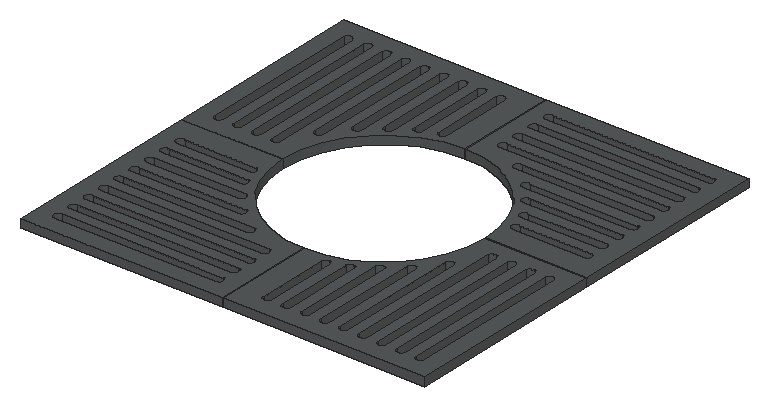
Revit family "10267 Приствольная решётка (квадратная) Р-03 Хоббика", category Антураж, Revit 2018
Family settings
  На основе рабочей плоскости = Нет
  Всегда вертикально = Да
  При загрузке вырезать с полостями = Нет
  Источник визуального образа = Геометрия семейства
  Общий = Нет
  Точка расчета площади = Нет
Parameters (values of type "Версия 1,2 м")
  Цвет решетки = Чугун
  Описание = if([Версия 1,0 м], "Приствольная решётка (квадратная) Р-03. Версия 1,0 м", "Приствольная решётка (квадратная) Р-03. Версия 1,2 м")  # "Приствольная решётка (квадратная) Р-03. Версия 1,2 м"
  Материал изделия = "Чугун"  # constant formula
  Изображение типоразмера = Приствольная решётка (квадратная) Р-03 Арт 10267.jpg
  Изготовитель = "ООО «Хоббика»"  # constant formula
  Длина = if([Версия 1,0 м], 1000 mm, 1200 mm)  # 1200 mm
  Диаметр внутренний = if([Версия 1,0 м], 500 mm, 600 mm)  # 600 mm
  Группа модели = "Решётки для деревьев"  # constant formula
  Высота = 22 mm  # constant formula
  Версия 1,2 м = not([Версия 1,0 м])  # yes
  Версия 1,0 м = no
  Артикул товара = "Арт. 10267"  # constant formula
  URL = "https://hobbyka.ru/product/pristvolnaya_reshetka_kvadratnaya_r03"
Types (3, lengths in mm): name | Описание | Длина | Диаметр внутренний | Версия 1,2 м | Версия 1,0 м
  (no name) | "Приствольная решётка (квадратная) Р-03. Версия 1,2 м" | 1200 | 600 | yes | no
  Версия 1,0 м | "Приствольная решётка (квадратная) Р-03. Версия 1,0 м" | 1000 | 500 | no | yes
  Версия 1,2 м | "Приствольная решётка (квадратная) Р-03. Версия 1,2 м" | 1200 | 600 | yes | no
Reference planes
  plane 1 "По центру (Вперед/Назад)": y = 0
  plane 2: z = 0
  plane 3 "По центру (Влево/Вправо)": x = 0
  plane 4: y = 1200
  plane 5: x = 1200
  plane 6: x = 600
  plane 7: y = 600
Lines and regions (mm)
  reference lines
    curve 1: circle (600, 600, 0) r 300 normal (0, 0, 1)
Dimensions and locks
  "Длина": plane 3 "По центру (Влево/Вправо)" to plane 5
  "Длина": plane 4 to plane 1 "По центру (Вперед/Назад)"
  equal spacing: plane 4, plane 7, plane 1 "По центру (Вперед/Назад)"
  equal spacing: plane 3 "По центру (Влево/Вправо)", plane 6, plane 5
  "Диаметр внутренний": diameter of curve 1
  aligned and locked: level to plane 2
  aligned and locked: plane 1 "По центру (Вперед/Назад)" to nested 1
  aligned and locked: plane 1 "По центру (Вперед/Назад)" to nested 2
  aligned and locked: plane 3 "По центру (Влево/Вправо)" to nested 2
  aligned and locked: plane 3 "По центру (Влево/Вправо)" to nested 1
Automatic sketch dimensions
  curve 1 to plane 6 = 0 mm
  curve 1 to plane 7 = 0 mm
Nested families
  nested 1: "Решетка 1,2 м" at (0, 0, 0), visible <- "Версия 1,2 м", type "Решетка 1,2 м"
  nested 2: "Решетка 1,0 м" at (0, 0, 0), visible <- "Версия 1,0 м", type "Решетка 1,0 м"
    with Версия 1,0 м yes
Definition of nested family "Решетка 1,2 м"
  Parameters (values of type "Решетка 1,2 м")
    Цвет решетки = none
    Height = 0 mm
    Версия 1,2 м = yes
  Reference planes
    plane 1 "По центру (Вперед/Назад)": y = 0
    plane 2: z = 0
    plane 3 "По центру (Влево/Вправо)": x = 0
  Forms (mm)
    Extrusion 1, solid, material <- "Цвет решетки", visible <- "Версия 1,2 м"
      sketch origin (591.905, 600, 0) x (1, 0, 0) y (0, 1, 0)
        loop
          line (308.095, 0) -> (608.095, 0) -> (608.095, 599.966) -> (8.095, 599.966) -> (8.095, 300)
          arc (8.095, 300) -> (220.227, 212.132) -> (308.095, 0) r 300
        loop
          arc (67.295, 550.758) -> (54.095, 537.558) -> (67.295, 524.358) r 13.2
          line (67.295, 524.358) -> (544.895, 524.358)
          arc (544.895, 524.358) -> (558.095, 537.558) -> (544.895, 550.758) r 13.2
          line (544.895, 550.758) -> (67.295, 550.758)
        loop
          arc (67.295, 494.058) -> (54.095, 480.858) -> (67.295, 467.658) r 13.2
          line (67.295, 467.658) -> (544.895, 467.658)
          arc (544.895, 467.658) -> (558.095, 480.858) -> (544.895, 494.058) r 13.2
          line (544.895, 494.058) -> (67.295, 494.058)
        loop
          arc (67.295, 437.358) -> (54.095, 424.158) -> (67.295, 410.958) r 13.2
          line (67.295, 410.958) -> (544.895, 410.958)
          arc (544.895, 410.958) -> (558.095, 424.158) -> (544.895, 437.358) r 13.2
          line (544.895, 437.358) -> (67.295, 437.358)
        loop
          arc (67.295, 380.658) -> (54.095, 367.458) -> (67.295, 354.258) r 13.2
          line (67.295, 354.258) -> (544.895, 354.258)
          arc (544.895, 354.258) -> (558.095, 367.458) -> (544.895, 380.658) r 13.2
          line (544.895, 380.658) -> (67.295, 380.658)
        loop
          arc (156.536, 323.958) -> (143.336, 310.758) -> (156.536, 297.558) r 13.2
          line (156.536, 297.558) -> (544.895, 297.558)
          arc (544.895, 297.558) -> (558.095, 310.758) -> (544.895, 323.958) r 13.2
          line (544.895, 323.958) -> (156.536, 323.958)
        loop
          line (544.895, 267.258) -> (226.523, 267.258)
          arc (226.523, 267.258) -> (213.323, 254.058) -> (226.523, 240.858) r 13.2
          line (226.523, 240.858) -> (544.895, 240.858)
          arc (544.895, 240.858) -> (558.095, 254.058) -> (544.895, 267.258) r 13.2
        loop
          line (544.895, 210.558) -> (271.714, 210.558)
          arc (271.714, 210.558) -> (258.514, 197.358) -> (271.714, 184.158) r 13.2
          line (271.714, 184.158) -> (544.895, 184.158)
          arc (544.895, 184.158) -> (558.095, 197.358) -> (544.895, 210.558) r 13.2
        loop
          line (544.895, 153.858) -> (311.766, 153.858)
          arc (311.766, 153.858) -> (298.566, 140.658) -> (311.766, 127.458) r 13.2
          line (311.766, 127.458) -> (544.895, 127.458)
          arc (544.895, 127.458) -> (558.095, 140.658) -> (544.895, 153.858) r 13.2
        loop
          arc (331.658, 97.158) -> (318.458, 83.958) -> (331.658, 70.758) r 13.2
          line (331.658, 70.758) -> (544.877, 70.758)
          arc (544.877, 70.758) -> (558.095, 83.949) -> (544.895, 97.158) r 13.2
          line (544.895, 97.158) -> (331.658, 97.158)
      from 0 to 25
    Extrusion 2, solid, material <- "Цвет решетки", visible <- "Версия 1,2 м"
      sketch origin (591.905, 600, 0) x (0, 1, 0) y (-1, 0, 0)
        loop
          line (300, -8.095) -> (600, -8.095) -> (600, 591.871) -> (0, 591.871) -> (0, 291.905)
          arc (0, 291.905) -> (212.132, 204.037) -> (300, -8.095) r 300
        loop
          arc (59.2, 542.664) -> (46, 529.464) -> (59.2, 516.264) r 13.2
          line (59.2, 516.264) -> (536.8, 516.264)
          arc (536.8, 516.264) -> (550, 529.464) -> (536.8, 542.664) r 13.2
          line (536.8, 542.664) -> (59.2, 542.664)
        loop
          arc (59.2, 485.964) -> (46, 472.764) -> (59.2, 459.564) r 13.2
          line (59.2, 459.564) -> (536.8, 459.564)
          arc (536.8, 459.564) -> (550, 472.764) -> (536.8, 485.964) r 13.2
          line (536.8, 485.964) -> (59.2, 485.964)
        loop
          arc (59.2, 429.264) -> (46, 416.064) -> (59.2, 402.864) r 13.2
          line (59.2, 402.864) -> (536.8, 402.864)
          arc (536.8, 402.864) -> (550, 416.064) -> (536.8, 429.264) r 13.2
          line (536.8, 429.264) -> (59.2, 429.264)
        loop
          arc (59.2, 372.564) -> (46, 359.364) -> (59.2, 346.164) r 13.2
          line (59.2, 346.164) -> (536.8, 346.164)
          arc (536.8, 346.164) -> (550, 359.364) -> (536.8, 372.564) r 13.2
          line (536.8, 372.564) -> (59.2, 372.564)
        loop
          arc (148.441, 315.864) -> (135.241, 302.664) -> (148.441, 289.464) r 13.2
          line (148.441, 289.464) -> (536.8, 289.464)
          arc (536.8, 289.464) -> (550, 302.664) -> (536.8, 315.864) r 13.2
          line (536.8, 315.864) -> (148.441, 315.864)
        loop
          line (536.8, 259.164) -> (218.429, 259.164)
          arc (218.429, 259.164) -> (205.229, 245.964) -> (218.429, 232.764) r 13.2
          line (218.429, 232.764) -> (536.8, 232.764)
          arc (536.8, 232.764) -> (550, 245.964) -> (536.8, 259.164) r 13.2
        loop
          line (536.8, 202.464) -> (263.619, 202.464)
          arc (263.619, 202.464) -> (250.419, 189.264) -> (263.619, 176.064) r 13.2
          line (263.619, 176.064) -> (536.8, 176.064)
          arc (536.8, 176.064) -> (550, 189.264) -> (536.8, 202.464) r 13.2
        loop
          line (536.8, 145.764) -> (303.672, 145.764)
          arc (303.672, 145.764) -> (290.472, 132.564) -> (303.672, 119.364) r 13.2
          line (303.672, 119.364) -> (536.8, 119.364)
          arc (536.8, 119.364) -> (550, 132.564) -> (536.8, 145.764) r 13.2
        loop
          arc (323.563, 89.064) -> (310.363, 75.864) -> (323.563, 62.664) r 13.2
          line (323.563, 62.664) -> (536.782, 62.664)
          arc (536.782, 62.664) -> (550, 75.854) -> (536.8, 89.064) r 13.2
          line (536.8, 89.064) -> (323.563, 89.064)
      from 0 to 25
    Extrusion 3, solid, material <- "Цвет решетки", visible <- "Версия 1,2 м"
      sketch origin (591.905, 600, 0) x (-1, 0, 0) y (0, -1, 0)
        loop
          line (291.905, 0) -> (591.905, 0) -> (591.905, 599.966) -> (-8.095, 599.966) -> (-8.095, 300)
          arc (-8.095, 300) -> (204.037, 212.132) -> (291.905, 0) r 300
        loop
          arc (51.105, 550.758) -> (37.905, 537.558) -> (51.105, 524.358) r 13.2
          line (51.105, 524.358) -> (528.705, 524.358)
          arc (528.705, 524.358) -> (541.905, 537.558) -> (528.705, 550.758) r 13.2
          line (528.705, 550.758) -> (51.105, 550.758)
        loop
          arc (51.105, 494.058) -> (37.905, 480.858) -> (51.105, 467.658) r 13.2
          line (51.105, 467.658) -> (528.705, 467.658)
          arc (528.705, 467.658) -> (541.905, 480.858) -> (528.705, 494.058) r 13.2
          line (528.705, 494.058) -> (51.105, 494.058)
        loop
          arc (51.105, 437.358) -> (37.905, 424.158) -> (51.105, 410.958) r 13.2
          line (51.105, 410.958) -> (528.705, 410.958)
          arc (528.705, 410.958) -> (541.905, 424.158) -> (528.705, 437.358) r 13.2
          line (528.705, 437.358) -> (51.105, 437.358)
        loop
          arc (51.105, 380.658) -> (37.905, 367.458) -> (51.105, 354.258) r 13.2
          line (51.105, 354.258) -> (528.705, 354.258)
          arc (528.705, 354.258) -> (541.905, 367.458) -> (528.705, 380.658) r 13.2
          line (528.705, 380.658) -> (51.105, 380.658)
        loop
          arc (140.347, 323.958) -> (127.147, 310.758) -> (140.347, 297.558) r 13.2
          line (140.347, 297.558) -> (528.705, 297.558)
          arc (528.705, 297.558) -> (541.905, 310.758) -> (528.705, 323.958) r 13.2
          line (528.705, 323.958) -> (140.347, 323.958)
        loop
          line (528.705, 267.258) -> (210.334, 267.258)
          arc (210.334, 267.258) -> (197.134, 254.058) -> (210.334, 240.858) r 13.2
          line (210.334, 240.858) -> (528.705, 240.858)
          arc (528.705, 240.858) -> (541.905, 254.058) -> (528.705, 267.258) r 13.2
        loop
          line (528.705, 210.558) -> (255.524, 210.558)
          arc (255.524, 210.558) -> (242.324, 197.358) -> (255.524, 184.158) r 13.2
          line (255.524, 184.158) -> (528.705, 184.158)
          arc (528.705, 184.158) -> (541.905, 197.358) -> (528.705, 210.558) r 13.2
        loop
          line (528.705, 153.858) -> (295.577, 153.858)
          arc (295.577, 153.858) -> (282.377, 140.658) -> (295.577, 127.458) r 13.2
          line (295.577, 127.458) -> (528.705, 127.458)
          arc (528.705, 127.458) -> (541.905, 140.658) -> (528.705, 153.858) r 13.2
        loop
          arc (315.468, 97.158) -> (302.268, 83.958) -> (315.468, 70.758) r 13.2
          line (315.468, 70.758) -> (528.687, 70.758)
          arc (528.687, 70.758) -> (541.905, 83.949) -> (528.705, 97.158) r 13.2
          line (528.705, 97.158) -> (315.468, 97.158)
      from 0 to 25
    Extrusion 4, solid, material <- "Цвет решетки", visible <- "Версия 1,2 м"
      sketch origin (591.905, 600, 0) x (0, -1, 0) y (1, 0, 0)
        loop
          line (300, 8.095) -> (600, 8.095) -> (600, 608.06) -> (0, 608.06) -> (0, 308.095)
          arc (0, 308.095) -> (212.132, 220.227) -> (300, 8.095) r 300
        loop
          arc (59.2, 558.853) -> (46, 545.653) -> (59.2, 532.453) r 13.2
          line (59.2, 532.453) -> (536.8, 532.453)
          arc (536.8, 532.453) -> (550, 545.653) -> (536.8, 558.853) r 13.2
          line (536.8, 558.853) -> (59.2, 558.853)
        loop
          arc (59.2, 502.153) -> (46, 488.953) -> (59.2, 475.753) r 13.2
          line (59.2, 475.753) -> (536.8, 475.753)
          arc (536.8, 475.753) -> (550, 488.953) -> (536.8, 502.153) r 13.2
          line (536.8, 502.153) -> (59.2, 502.153)
        loop
          arc (59.2, 445.453) -> (46, 432.253) -> (59.2, 419.053) r 13.2
          line (59.2, 419.053) -> (536.8, 419.053)
          arc (536.8, 419.053) -> (550, 432.253) -> (536.8, 445.453) r 13.2
          line (536.8, 445.453) -> (59.2, 445.453)
        loop
          arc (59.2, 388.753) -> (46, 375.553) -> (59.2, 362.353) r 13.2
          line (59.2, 362.353) -> (536.8, 362.353)
          arc (536.8, 362.353) -> (550, 375.553) -> (536.8, 388.753) r 13.2
          line (536.8, 388.753) -> (59.2, 388.753)
        loop
          arc (148.441, 332.053) -> (135.241, 318.853) -> (148.441, 305.653) r 13.2
          line (148.441, 305.653) -> (536.8, 305.653)
          arc (536.8, 305.653) -> (550, 318.853) -> (536.8, 332.053) r 13.2
          line (536.8, 332.053) -> (148.441, 332.053)
        loop
          line (536.8, 275.353) -> (218.429, 275.353)
          arc (218.429, 275.353) -> (205.229, 262.153) -> (218.429, 248.953) r 13.2
          line (218.429, 248.953) -> (536.8, 248.953)
          arc (536.8, 248.953) -> (550, 262.153) -> (536.8, 275.353) r 13.2
        loop
          line (536.8, 218.653) -> (263.619, 218.653)
          arc (263.619, 218.653) -> (250.419, 205.453) -> (263.619, 192.253) r 13.2
          line (263.619, 192.253) -> (536.8, 192.253)
          arc (536.8, 192.253) -> (550, 205.453) -> (536.8, 218.653) r 13.2
        loop
          line (536.8, 161.953) -> (303.672, 161.953)
          arc (303.672, 161.953) -> (290.472, 148.753) -> (303.672, 135.553) r 13.2
          line (303.672, 135.553) -> (536.8, 135.553)
          arc (536.8, 135.553) -> (550, 148.753) -> (536.8, 161.953) r 13.2
        loop
          arc (323.563, 105.253) -> (310.363, 92.053) -> (323.563, 78.853) r 13.2
          line (323.563, 78.853) -> (536.782, 78.853)
          arc (536.782, 78.853) -> (550, 92.044) -> (536.8, 105.253) r 13.2
          line (536.8, 105.253) -> (323.563, 105.253)
      from 0 to 25
  Dimensions and locks
    aligned and locked: level to plane 2
Definition of nested family "Решетка 1,0 м"
  Parameters (values of type "Решетка 1,0 м")
    Цвет решетки = none
    Height = 0 mm
    Версия 1,0 м = no
  Reference planes
    plane 1 "По центру (Вперед/Назад)": y = 0
    plane 2: z = 0
    plane 3 "По центру (Влево/Вправо)": x = 0
  Forms (mm)
    Extrusion 1, solid, material <- "Цвет решетки", visible <- "Версия 1,0 м"
      sketch origin (491.905, 528.615, 0) x (1, 0, 0) y (0, 1, 0)
        loop
          line (8.095, 471.385) -> (8.095, 221.385)
          arc (8.095, 221.385) -> (184.871, 148.162) -> (258.095, -28.615) r 250
          line (258.095, -28.615) -> (508.095, -28.615) -> (508.095, 471.385) -> (8.095, 471.385)
        loop
          arc (49.095, 421.385) -> (38.095, 410.385) -> (49.095, 399.385) r 11
          line (49.095, 399.385) -> (447.095, 399.385)
          arc (447.095, 399.385) -> (458.095, 410.385) -> (447.095, 421.385) r 11
          line (447.095, 421.385) -> (49.095, 421.385)
        loop
          line (447.095, 374.135) -> (49.095, 374.135)
          arc (49.095, 374.135) -> (38.095, 363.135) -> (49.095, 352.135) r 11
          line (49.095, 352.135) -> (447.095, 352.135)
          arc (447.095, 352.135) -> (458.095, 363.135) -> (447.095, 374.135) r 11
        loop
          line (447.095, 326.885) -> (49.095, 326.885)
          arc (49.095, 326.885) -> (38.095, 315.885) -> (49.095, 304.885) r 11
          line (49.095, 304.885) -> (447.095, 304.885)
          arc (447.095, 304.885) -> (458.095, 315.885) -> (447.095, 326.885) r 11
        loop
          line (447.095, 279.635) -> (49.095, 279.635)
          arc (49.095, 279.635) -> (38.095, 268.635) -> (49.095, 257.635) r 11
          line (49.095, 257.635) -> (447.095, 257.635)
          arc (447.095, 257.635) -> (458.095, 268.635) -> (447.095, 279.635) r 11
        loop
          line (447.095, 232.385) -> (165.129, 232.385)
          arc (165.129, 232.385) -> (154.129, 221.385) -> (165.129, 210.385) r 11
          line (165.129, 210.385) -> (447.095, 210.385)
          arc (447.095, 210.385) -> (458.095, 221.385) -> (447.095, 232.385) r 11
        loop
          line (447.095, 185.135) -> (223.452, 185.135)
          arc (223.452, 185.135) -> (212.452, 174.135) -> (223.452, 163.135) r 11
          line (223.452, 163.135) -> (447.095, 163.135)
          arc (447.095, 163.135) -> (458.095, 174.135) -> (447.095, 185.135) r 11
        loop
          line (447.095, 137.885) -> (259.444, 137.885)
          arc (259.444, 137.885) -> (248.444, 126.885) -> (259.444, 115.885) r 11
          line (259.444, 115.885) -> (447.095, 115.885)
          arc (447.095, 115.885) -> (458.095, 126.885) -> (447.095, 137.885) r 11
        loop
          line (447.095, 90.635) -> (281.155, 90.635)
          arc (281.155, 90.635) -> (270.155, 79.635) -> (281.155, 68.635) r 11
          line (281.155, 68.635) -> (447.095, 68.635)
          arc (447.095, 68.635) -> (458.095, 79.635) -> (447.095, 90.635) r 11
        loop
          arc (296.064, 43.385) -> (285.064, 32.385) -> (296.064, 21.385) r 11
          line (296.064, 21.385) -> (447.104, 21.385)
          arc (447.104, 21.385) -> (458.095, 32.39) -> (447.095, 43.385) r 11
          line (447.095, 43.385) -> (296.064, 43.385)
      from 0 to 25
    Extrusion 2, solid, material <- "Цвет решетки", visible <- "Версия 1,0 м"
      sketch origin (491.905, 528.615, 0) x (-1, 0, 0) y (0, -1, 0)
        loop
          line (-8.095, 528.615) -> (-8.095, 278.615)
          arc (-8.095, 278.615) -> (168.682, 205.391) -> (241.905, 28.615) r 250
          line (241.905, 28.615) -> (491.905, 28.615) -> (491.905, 528.615) -> (-8.095, 528.615)
        loop
          arc (32.905, 478.615) -> (21.905, 467.615) -> (32.905, 456.615) r 11
          line (32.905, 456.615) -> (430.905, 456.615)
          arc (430.905, 456.615) -> (441.905, 467.615) -> (430.905, 478.615) r 11
          line (430.905, 478.615) -> (32.905, 478.615)
        loop
          line (430.905, 431.365) -> (32.905, 431.365)
          arc (32.905, 431.365) -> (21.905, 420.365) -> (32.905, 409.365) r 11
          line (32.905, 409.365) -> (430.905, 409.365)
          arc (430.905, 409.365) -> (441.905, 420.365) -> (430.905, 431.365) r 11
        loop
          line (430.905, 384.115) -> (32.905, 384.115)
          arc (32.905, 384.115) -> (21.905, 373.115) -> (32.905, 362.115) r 11
          line (32.905, 362.115) -> (430.905, 362.115)
          arc (430.905, 362.115) -> (441.905, 373.115) -> (430.905, 384.115) r 11
        loop
          line (430.905, 336.865) -> (32.905, 336.865)
          arc (32.905, 336.865) -> (21.905, 325.865) -> (32.905, 314.865) r 11
          line (32.905, 314.865) -> (430.905, 314.865)
          arc (430.905, 314.865) -> (441.905, 325.865) -> (430.905, 336.865) r 11
        loop
          line (430.905, 289.615) -> (148.94, 289.615)
          arc (148.94, 289.615) -> (137.94, 278.615) -> (148.94, 267.615) r 11
          line (148.94, 267.615) -> (430.905, 267.615)
          arc (430.905, 267.615) -> (441.905, 278.615) -> (430.905, 289.615) r 11
        loop
          line (430.905, 242.365) -> (207.262, 242.365)
          arc (207.262, 242.365) -> (196.262, 231.365) -> (207.262, 220.365) r 11
          line (207.262, 220.365) -> (430.905, 220.365)
          arc (430.905, 220.365) -> (441.905, 231.365) -> (430.905, 242.365) r 11
        loop
          line (430.905, 195.115) -> (243.254, 195.115)
          arc (243.254, 195.115) -> (232.254, 184.115) -> (243.254, 173.115) r 11
          line (243.254, 173.115) -> (430.905, 173.115)
          arc (430.905, 173.115) -> (441.905, 184.115) -> (430.905, 195.115) r 11
        loop
          line (430.905, 147.865) -> (264.965, 147.865)
          arc (264.965, 147.865) -> (253.965, 136.865) -> (264.965, 125.865) r 11
          line (264.965, 125.865) -> (430.905, 125.865)
          arc (430.905, 125.865) -> (441.905, 136.865) -> (430.905, 147.865) r 11
        loop
          arc (279.874, 100.615) -> (268.874, 89.615) -> (279.874, 78.615) r 11
          line (279.874, 78.615) -> (430.915, 78.615)
          arc (430.915, 78.615) -> (441.905, 89.619) -> (430.905, 100.615) r 11
          line (430.905, 100.615) -> (279.874, 100.615)
      from 0 to 25
    Extrusion 3, solid, material <- "Цвет решетки", visible <- "Версия 1,0 м"
      sketch origin (491.905, 528.615, 0) x (0, 1, 0) y (-1, 0, 0)
        loop
          line (-28.615, 491.905) -> (-28.615, 241.905)
          arc (-28.615, 241.905) -> (148.162, 168.682) -> (221.385, -8.095) r 250
          line (221.385, -8.095) -> (471.385, -8.095) -> (471.385, 491.905) -> (-28.615, 491.905)
        loop
          arc (12.385, 441.905) -> (1.385, 430.905) -> (12.385, 419.905) r 11
          line (12.385, 419.905) -> (410.385, 419.905)
          arc (410.385, 419.905) -> (421.385, 430.905) -> (410.385, 441.905) r 11
          line (410.385, 441.905) -> (12.385, 441.905)
        loop
          line (410.385, 394.655) -> (12.385, 394.655)
          arc (12.385, 394.655) -> (1.385, 383.655) -> (12.385, 372.655) r 11
          line (12.385, 372.655) -> (410.385, 372.655)
          arc (410.385, 372.655) -> (421.385, 383.655) -> (410.385, 394.655) r 11
        loop
          line (410.385, 347.405) -> (12.385, 347.405)
          arc (12.385, 347.405) -> (1.385, 336.405) -> (12.385, 325.405) r 11
          line (12.385, 325.405) -> (410.385, 325.405)
          arc (410.385, 325.405) -> (421.385, 336.405) -> (410.385, 347.405) r 11
        loop
          line (410.385, 300.155) -> (12.385, 300.155)
          arc (12.385, 300.155) -> (1.385, 289.155) -> (12.385, 278.155) r 11
          line (12.385, 278.155) -> (410.385, 278.155)
          arc (410.385, 278.155) -> (421.385, 289.155) -> (410.385, 300.155) r 11
        loop
          line (410.385, 252.905) -> (128.42, 252.905)
          arc (128.42, 252.905) -> (117.42, 241.905) -> (128.42, 230.905) r 11
          line (128.42, 230.905) -> (410.385, 230.905)
          arc (410.385, 230.905) -> (421.385, 241.905) -> (410.385, 252.905) r 11
        loop
          line (410.385, 205.655) -> (186.743, 205.655)
          arc (186.743, 205.655) -> (175.743, 194.655) -> (186.743, 183.655) r 11
          line (186.743, 183.655) -> (410.385, 183.655)
          arc (410.385, 183.655) -> (421.385, 194.655) -> (410.385, 205.655) r 11
        loop
          line (410.385, 158.405) -> (222.734, 158.405)
          arc (222.734, 158.405) -> (211.734, 147.405) -> (222.734, 136.405) r 11
          line (222.734, 136.405) -> (410.385, 136.405)
          arc (410.385, 136.405) -> (421.385, 147.405) -> (410.385, 158.405) r 11
        loop
          line (410.385, 111.155) -> (244.445, 111.155)
          arc (244.445, 111.155) -> (233.445, 100.155) -> (244.445, 89.155) r 11
          line (244.445, 89.155) -> (410.385, 89.155)
          arc (410.385, 89.155) -> (421.385, 100.155) -> (410.385, 111.155) r 11
        loop
          arc (259.355, 63.905) -> (248.355, 52.905) -> (259.355, 41.905) r 11
          line (259.355, 41.905) -> (410.395, 41.905)
          arc (410.395, 41.905) -> (421.385, 52.91) -> (410.385, 63.905) r 11
          line (410.385, 63.905) -> (259.355, 63.905)
      from 0 to 25
    Extrusion 4, solid, material <- "Цвет решетки", visible <- "Версия 1,0 м"
      sketch origin (491.905, 528.615, 0) x (1, 0, 0) y (0, 1, 0)
        loop
          line (8.095, -528.615) -> (508.095, -528.615) -> (508.095, -28.615) -> (258.095, -28.615)
          arc (258.095, -28.615) -> (184.871, -205.391) -> (8.095, -278.615) r 250
          line (8.095, -278.615) -> (8.095, -528.615)
        loop
          line (49.095, -478.615) -> (447.095, -478.615)
          arc (447.095, -478.615) -> (458.095, -467.615) -> (447.095, -456.615) r 11
          line (447.095, -456.615) -> (49.095, -456.615)
          arc (49.095, -456.615) -> (38.095, -467.615) -> (49.095, -478.615) r 11
        loop
          arc (447.095, -431.365) -> (458.095, -420.365) -> (447.095, -409.365) r 11
          line (447.095, -409.365) -> (49.095, -409.365)
          arc (49.095, -409.365) -> (38.095, -420.365) -> (49.095, -431.365) r 11
          line (49.095, -431.365) -> (447.095, -431.365)
        loop
          arc (447.095, -384.115) -> (458.095, -373.115) -> (447.095, -362.115) r 11
          line (447.095, -362.115) -> (49.095, -362.115)
          arc (49.095, -362.115) -> (38.095, -373.115) -> (49.095, -384.115) r 11
          line (49.095, -384.115) -> (447.095, -384.115)
        loop
          arc (447.095, -336.865) -> (458.095, -325.865) -> (447.095, -314.865) r 11
          line (447.095, -314.865) -> (49.095, -314.865)
          arc (49.095, -314.865) -> (38.095, -325.865) -> (49.095, -336.865) r 11
          line (49.095, -336.865) -> (447.095, -336.865)
        loop
          arc (447.095, -289.615) -> (458.095, -278.615) -> (447.095, -267.615) r 11
          line (447.095, -267.615) -> (165.129, -267.615)
          arc (165.129, -267.615) -> (154.129, -278.615) -> (165.129, -289.615) r 11
          line (165.129, -289.615) -> (447.095, -289.615)
        loop
          arc (447.095, -242.365) -> (458.095, -231.365) -> (447.095, -220.365) r 11
          line (447.095, -220.365) -> (223.452, -220.365)
          arc (223.452, -220.365) -> (212.452, -231.365) -> (223.452, -242.365) r 11
          line (223.452, -242.365) -> (447.095, -242.365)
        loop
          arc (447.095, -195.115) -> (458.095, -184.115) -> (447.095, -173.115) r 11
          line (447.095, -173.115) -> (259.444, -173.115)
          arc (259.444, -173.115) -> (248.444, -184.115) -> (259.444, -195.115) r 11
          line (259.444, -195.115) -> (447.095, -195.115)
        loop
          arc (447.095, -147.865) -> (458.095, -136.865) -> (447.095, -125.865) r 11
          line (447.095, -125.865) -> (281.155, -125.865)
          arc (281.155, -125.865) -> (270.155, -136.865) -> (281.155, -147.865) r 11
          line (281.155, -147.865) -> (447.095, -147.865)
        loop
          line (296.064, -100.615) -> (447.095, -100.615)
          arc (447.095, -100.615) -> (458.095, -89.619) -> (447.104, -78.615) r 11
          line (447.104, -78.615) -> (296.064, -78.615)
          arc (296.064, -78.615) -> (285.064, -89.615) -> (296.064, -100.615) r 11
      from 0 to 25
  Dimensions and locks
    aligned and locked: level to plane 2
